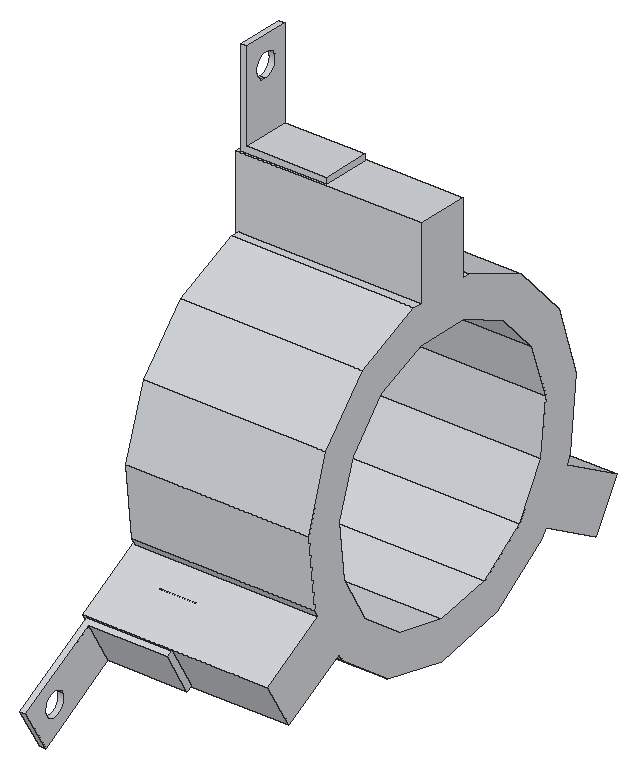
Revit family "LP65R", category Pipe Accessories, Revit 2021
Family settings
  Round Connector Dimension = Use Diameter
  Part Type = Breaks Into
  Work Plane-Based = No
  Always vertical = No
  Cut with Voids When Loaded = No
  Shared = No
Parameters
  URL = "https://www.snapcollars.com.au/"
  Model = "LP65R"
  Manufacturer = "Snap Fire Systems"
  Description = "The LP65R is a low profile, metal, retro-fit fire collar for concrete floor slabs, and Hebel Powerpanel Walls."
  Default Elevation = 0 mm
Reference planes
  plane 1 "Center (Front/Back)": y = 0
  plane 2: z = 0
  plane 3 "Center (Left/Right)": x = -139.129
  plane 4: x = -230
  plane 5: x = -208.636
  plane 6: x = -210
Forms (mm)
  Extrusion 1, solid, material "PVC-White", not visible, detail levels fine
    sketch origin (0, 0, 0) x (1, 0, 0) y (0, 0, 1)
      loop
        line (-80, 60.418) -> (-227.967, 86.048) -> (-227.967, 69.12) -> (-80, 60.418)
    from -1.5 to 1.5
  Extrusion 2, solid, material "PVC-White", not visible, detail levels fine
    sketch origin (0, 0, 0) x (1, 0, 0) y (0, -0.5, 0.866025)
      loop
        line (-80, 60.418) -> (-227.967, 86.048) -> (-227.967, 69.12) -> (-80, 60.418)
    from -1.5 to 1.5
  Extrusion 3, solid, material "PVC-White", not visible, detail levels fine
    sketch origin (0, 0, 0) x (1, 0, 0) y (0, -0.866025, 0.5)
      loop
        line (-80, 60.418) -> (-227.967, 86.048) -> (-227.967, 69.12) -> (-80, 60.418)
    from -1.5 to 1.5
  Extrusion 4, solid, material "PVC-White", not visible, detail levels fine
    sketch origin (0, 0, 0) x (0, -1, 0) y (-1, 0, 0)
      loop
        line (60.418, 80) -> (86.048, 227.967) -> (69.12, 227.967) -> (60.418, 80)
    from -1.5 to 1.5
  Extrusion 5, solid, material "PVC-White", not visible, detail levels fine
    sketch origin (0, 0, 0) x (1, 0, 0) y (0, -0.866025, -0.5)
      loop
        line (-80, 60.418) -> (-227.967, 86.048) -> (-227.967, 69.12) -> (-80, 60.418)
    from -1.5 to 1.5
  Extrusion 6, solid, material "PVC-White", not visible, detail levels fine
    sketch origin (0, 0, 0) x (1, 0, 0) y (0, -0.5, -0.866025)
      loop
        line (-80, 60.418) -> (-227.967, 86.048) -> (-227.967, 69.12) -> (-80, 60.418)
    from -1.5 to 1.5
  Extrusion 7, solid, material "PVC-White", not visible, detail levels fine
    sketch origin (0, 0, 0) x (1, 0, 0) y (0, 0, -1)
      loop
        line (-80, 60.418) -> (-227.967, 86.048) -> (-227.967, 69.12) -> (-80, 60.418)
    from -1.5 to 1.5
  Extrusion 8, solid, material "PVC-White", not visible, detail levels fine
    sketch origin (0, 0, 0) x (1, 0, 0) y (0, 0.5, -0.866025)
      loop
        line (-80, 60.418) -> (-227.967, 86.048) -> (-227.967, 69.12) -> (-80, 60.418)
    from -1.5 to 1.5
  Extrusion 9, solid, material "PVC-White", not visible, detail levels fine
    sketch origin (0, 0, 0) x (1, 0, 0) y (0, 0.866025, -0.5)
      loop
        line (-80, 60.418) -> (-227.967, 86.048) -> (-227.967, 69.12) -> (-80, 60.418)
    from -1.5 to 1.5
  Extrusion 10, solid, material "PVC-White", not visible, detail levels fine
    sketch origin (0, 0, 0) x (1, 0, 0) y (0, 1, 0)
      loop
        line (-80, 60.418) -> (-227.967, 86.048) -> (-227.967, 69.12) -> (-80, 60.418)
    from -1.5 to 1.5
  Extrusion 11, solid, material "PVC-White", not visible, detail levels fine
    sketch origin (0, 0, 0) x (1, 0, 0) y (0, 0.866025, 0.5)
      loop
        line (-80, 60.418) -> (-227.967, 86.048) -> (-227.967, 69.12) -> (-80, 60.418)
    from -1.5 to 1.5
  Extrusion 12, solid, material "PVC-White", not visible, detail levels fine
    sketch origin (0, 0, 0) x (1, 0, 0) y (0, 0.5, 0.866025)
      loop
        line (-80, 60.418) -> (-227.967, 86.048) -> (-227.967, 69.12) -> (-80, 60.418)
    from -1.5 to 1.5
  Extrusion 13, solid
    sketch origin (-230, 2000, 1200) x (0, 1, 0) y (0, 0, 1)
      loop
        line (-2009.024, -1157.544) -> (-2025.513, -1164.885) -> (-2037.589, -1178.298) -> (-2043.167, -1195.463) -> (-2041.28, -1213.413) -> (-2032.256, -1229.043) -> (-2017.654, -1239.652) -> (-2000, -1243.405) -> (-1982.346, -1239.652) -> (-1967.744, -1229.043) -> (-1958.72, -1213.413) -> (-1956.833, -1195.463) -> (-1962.411, -1178.298) -> (-1974.487, -1164.885) -> (-1990.976, -1157.544) -> (-2009.024, -1157.544)
      loop
        line (-2011.68, -1145.051) -> (-2033.02, -1154.552) -> (-2048.65, -1171.912) -> (-2055.869, -1194.128) -> (-2053.427, -1217.359) -> (-2041.747, -1237.589) -> (-2022.849, -1251.32) -> (-2000, -1256.177) -> (-1977.151, -1251.32) -> (-1958.253, -1237.589) -> (-1946.573, -1217.359) -> (-1944.131, -1194.128) -> (-1951.35, -1171.912) -> (-1966.98, -1154.552) -> (-1988.32, -1145.051) -> (-2011.68, -1145.051)
    from 0 to 61
  Extrusion 14, solid, not visible
    sketch origin (-230, 23.225, 34.758) x (0, -0.92388, 0.382683) y (1, 0, 0)
      loop
        line (16.311, 91) -> (0, 91) -> (0, 65) -> (16.311, 65) -> (16.311, 91)
    from 0 to 3
  Extrusion 15, solid, not visible
    sketch origin (-230, 24.373, 37.53) x (0, -0.92388, 0.382683) y (1, 0, 0)
      loop
        line (16.311, 91) -> (0, 91) -> (0, 88) -> (16.311, 88) -> (16.311, 91)
    from 0 to 21
  Extrusion 16, solid, not visible
    sketch origin (-230, 29.556, 29.418) x (0, -0.828512, 0.559971) y (1, 0, 0)
      loop
        line (16.311, 91) -> (0, 91) -> (0, 65) -> (16.311, 65) -> (16.311, 91)
    from 0 to 3
  Extrusion 17, solid, not visible
    sketch origin (-230, 31.236, 31.904) x (0, -0.828512, 0.559971) y (1, 0, 0)
      loop
        line (16.311, 91) -> (0, 91) -> (0, 88) -> (16.311, 88) -> (16.311, 91)
    from 0 to 21
  Extrusion 18, solid, not visible
    sketch origin (-230, -15.852, 38.571) x (0, -0.83464, -0.550797) y (1, 0, 0)
      loop
        line (16.311, 91) -> (0, 91) -> (0, 65) -> (16.311, 65) -> (16.311, 91)
    from 0 to 3
  Extrusion 19, solid, not visible
    sketch origin (-230, -17.504, 41.075) x (0, -0.83464, -0.550797) y (1, 0, 0)
      loop
        line (16.311, 91) -> (0, 91) -> (0, 88) -> (16.311, 88) -> (16.311, 91)
    from 0 to 21
  Extrusion 20, solid, not visible
    sketch origin (-230, 29.261, -29.712) x (0, 0.564361, 0.825528) y (1, 0, 0)
      loop
        line (16.311, 91) -> (0, 91) -> (0, 65) -> (16.311, 65) -> (16.311, 91)
    from 0 to 3
  Extrusion 21, solid, not visible
    sketch origin (-230, 31.738, -31.405) x (0, 0.564361, 0.825528) y (1, 0, 0)
      loop
        line (16.311, 91) -> (0, 91) -> (0, 88) -> (16.311, 88) -> (16.311, 91)
    from 0 to 21
  Extrusion 22, solid, not visible
    sketch origin (-230, -38.657, -15.64) x (0, 0.54621, -0.837649) y (1, 0, 0)
      loop
        line (16.311, 91) -> (0, 91) -> (0, 65) -> (16.311, 65) -> (16.311, 91)
    from 0 to 3
  Extrusion 23, solid, not visible
    sketch origin (-230, -41.17, -17.279) x (0, 0.54621, -0.837649) y (1, 0, 0)
      loop
        line (16.311, 91) -> (0, 91) -> (0, 88) -> (16.311, 88) -> (16.311, 91)
    from 0 to 21
  Extrusion 24, solid
    sketch origin (0, 0, 24.882) x (1, 0, 0) y (0, 0, 1)
      loop
        line (-201.343, 54.118) -> (-201.343, 56.118) -> (-228.024, 56.118) -> (-228.024, 86.118) -> (-230, 86.118) -> (-230, 78) -> (-230, 54.118) -> (-201.343, 54.118)
    from -8 to 8
  Extrusion 25, void
    sketch origin (-228.024, 0, 115.882) x (0, 0, -1) y (0, 1, 0)
      loop
        circle (14, 0) r 4
    from -10.829 to 2.558
  Extrusion 26, solid, not visible
    sketch origin (0, 0, 24.882) x (1, 0, 0) y (0, 0, 1)
      loop
        line (-201.343, 54.118) -> (-201.343, 56.118) -> (-228.024, 56.118) -> (-228.024, 86.118) -> (-230, 86.118) -> (-230, 78) -> (-230, 54.118) -> (-201.343, 54.118)
    from -8 to 8
  Extrusion 27, void, not visible
    sketch origin (-228.024, 0, 115.882) x (0, 0, -1) y (0, 1, 0)
      loop
        circle (14, 0) r 4
    from -10.829 to 2.558
  Extrusion 28, solid
    sketch origin (0, -21.549, -12.441) x (1, 0, 0) y (0, -0.866025, -0.5)
      loop
        line (-201.343, 54.118) -> (-201.343, 56.118) -> (-228.024, 56.118) -> (-228.024, 86.118) -> (-230, 86.118) -> (-230, 78) -> (-230, 54.118) -> (-201.343, 54.118)
    from -8 to 8
  Extrusion 29, void
    sketch origin (-228.024, -100.357, -57.941) x (0, 0.866025, 0.5) y (0, -0.5, 0.866025)
      loop
        circle (14, 0) r 4
    from -10.829 to 2.558
  Extrusion 30, solid
    sketch origin (0, 21.549, -12.441) x (1, 0, 0) y (0, 0.866025, -0.5)
      loop
        line (-201.343, 54.118) -> (-201.343, 56.118) -> (-228.024, 56.118) -> (-228.024, 86.118) -> (-230, 86.118) -> (-230, 78) -> (-230, 54.118) -> (-201.343, 54.118)
    from -8 to 8
  Extrusion 31, void
    sketch origin (-228.024, 100.357, -57.941) x (0, -0.866025, 0.5) y (0, -0.5, -0.866025)
      loop
        circle (14, 0) r 4
    from -10.829 to 2.558
  Extrusion 32, solid
    sketch origin (-1, 0, 9) x (1, 0, 0) y (0, 0, 1)
      loop
        line (-168, 41) -> (-168, 70) -> (-230, 70) -> (-230, 41) -> (-168, 41)
    from -8.715 to 8.715
  Extrusion 33, solid
    sketch origin (-1, -7.794, -4.5) x (1, 0, 0) y (0, -0.866025, -0.5)
      loop
        line (-168, 41) -> (-168, 70) -> (-230, 70) -> (-230, 41) -> (-168, 41)
    from -8.715 to 8.715
  Extrusion 34, solid
    sketch origin (-1, 7.794, -4.5) x (1, 0, 0) y (0, 0.866025, -0.5)
      loop
        line (-168, 41) -> (-168, 70) -> (-230, 70) -> (-230, 41) -> (-168, 41)
    from -8.715 to 8.715
Cuts and joins
  Extrusion 25, Extrusion 29 cuts Extrusion 24
  Extrusion 29 cuts Extrusion 28
  Extrusion 31 cuts Extrusion 30
  joined: Extrusion 13, Extrusion 32, Extrusion 33, Extrusion 34
Lines and regions (mm)
  model lines
    curve 1: circle (-230, 0, 0) r 31 normal (1, 0, 0)
    curve 2: circle (-230, 0, 0) r 111 normal (1, 0, 0)
    curve 3: circle (-230, 0, 0) r 101 normal (1, 0, 0)
Dimensions and locks
  locked: plane 4 to plane 3 "Center (Left/Right)" at 90.871
  Extrusion 1 sketch curve to Extrusion 1 sketch curve = 0 mm
  Extrusion 2 sketch curve to Extrusion 2 sketch curve = 0 mm
  Extrusion 3 sketch curve to Extrusion 3 sketch curve = 0 mm
  Extrusion 4 sketch curve to Extrusion 4 sketch curve = 0 mm
  Extrusion 5 sketch curve to Extrusion 5 sketch curve = 0 mm
  Extrusion 6 sketch curve to Extrusion 6 sketch curve = 0 mm
  Extrusion 7 sketch curve to Extrusion 7 sketch curve = 0 mm
  Extrusion 8 sketch curve to Extrusion 8 sketch curve = 0 mm
  Extrusion 9 sketch curve to Extrusion 9 sketch curve = 0 mm
  Extrusion 10 sketch curve to Extrusion 10 sketch curve = 0 mm
  Extrusion 11 sketch curve to Extrusion 11 sketch curve = 0 mm
  Extrusion 12 sketch curve to Extrusion 12 sketch curve = 0 mm
  aligned and locked: level to plane 2
Connectors
  piping at (-210, 0, 0), diameter 85
    settings: on plane 6, index 4, connector inside diameter 609.6 mm, connector length 0 mm, flow factor 0, pipe flow 0.0 L/s, pressure drop 0.0 Pa, fitting loss kfactor 0, connector angle 0.00°, fixture units 0, engagement length 0 mm, angle of deflection 0.00°, flow configuration 0, flow direction 0, fitting loss method 0, system type 7, joint type 0, gender type 0, connector reference index -1, connector utility 0, adjustable connector no, is connector primary yes, connector description ""
  piping at (-208.636, 0, 0), diameter 85
    settings: on plane 5, index 5, connector inside diameter 609.6 mm, connector length 0 mm, flow factor 0, pipe flow 0.0 L/s, pressure drop 0.0 Pa, fitting loss kfactor 0, connector angle 0.00°, fixture units 0, engagement length 0 mm, angle of deflection 0.00°, flow configuration 0, flow direction 0, fitting loss method 0, system type 7, joint type 0, gender type 0, connector reference index -1, connector utility 0, adjustable connector no, is connector primary no, connector description ""
